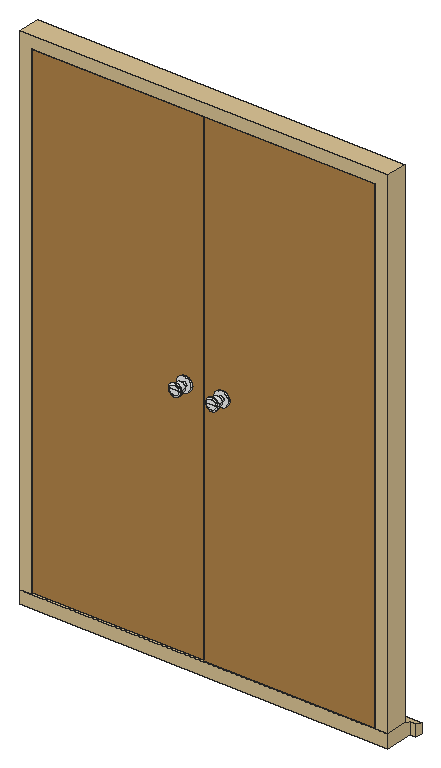
Revit family "Flush", category Doors, host Wall, Revit 2023
Family settings
  Host = Wall
  Always vertical = Yes
  Cut with Voids When Loaded = No
  Shared = No
  Room Calculation Point = No
Parameters (values of type "1510x2110mm")
  Wrap Layers (Ext) from Ext = 102.5 mm
  Wrap Layers (Int) from Ext = 177.5 mm
  Visual Light Transmittance = 0
  Vis - Ironmongery = yes
  Vis - Cavity Closers = yes
  Type Comments = "External Double"
  Thickness = Door Panel Thickness  # 44.0 mm
  Solar Heat Gain Coefficient = 0
  Rough Width = Width  # 1510.0 mm
  Rough Height = Height  # 2110.0 mm
  Operation = "DoubleDoorSingleSwing"
  O/A Frame Width = 64.0 mm
  Define Thermal Properties by = Schematic Type
  Construction Type Id = "MDOOR"
  Keynote = "L20"
  Heat Transfer Coefficient (U) = 3.7021 W/(m²·K)
  Handle Z Distance = 1050.0 mm
  Function = Exterior
  FrameWidth = 42.0 mm
  FrameOffset - External = 25.0 mm
  FrameDepth = 89.0 mm
  Door Panel Width = (Width / 2) - (Structural Tolerance) - (1.5 * Tolerance) - (FrameWidth)  # 702.0 mm
  Door Panel Thickness = 44.0 mm
  Door Panel Height = Height - Structural Tolerance - Tolerance - FrameWidth - Undercut - Cill Thickness  # 2000.0 mm
  Cill Thickness = 54.5 mm
  Cill Projection = 30.0 mm
  Handle X Distance = 75.0 mm
  Height = 2110.0 mm
  Material Door = Door - Panel
  Material Frame = Door - Frame/Mullion
  Material Ironmongery = Door - Handle
  Structural Tolerance = 6.5 mm
  Tolerance = 3.0 mm
  Undercut = 4.0 mm
  Wall Closure = By host
  Width = 1510.0 mm
  Cill Extension = 25.0 mm
  Cavity Closer Width = 50.0 mm
  Cavity Closer Offset from Ext = 102.5 mm
  Cavity Closer Depth = 85.0 mm
  Analytic Construction = "Metal"
Types (2, lengths in mm): name | Rough Width | Door Panel Width | Width
  1810x2110mm | 1810.0 | 852.0 | 1810.0
  1510x2110mm | 1510.0 | 702.0 | 1510.0
Reference planes
  plane 1: y = 0
  plane 2 "Center L/R": x = 0
  plane 3 "Left": x = -755
  plane 4 "Right": x = 755
  plane 5 "Head Opening": z = 2110
  plane 6 "Exterior": y = 150
  plane 7 "Interior": y = -150
  plane 8 "ST left": x = -748.5
  plane 9 "ST right": x = 748.5
  plane 10 "Int frame left": x = -706.5
  plane 11 "Int frame right": x = 706.5
  plane 12 "Left T": x = -853.5
  plane 13 "RHS Leaf Edge": x = 703.5
  plane 14: z = 2103.5
  plane 15: z = 2061.5
  plane 16: z = 2058.5
  plane 17: y = 83
  plane 18 "Ironmongery Axis X": x = 76.5
  plane 19 "Ironmongery Axis Z": z = 1050
  plane 20 "LHS Leaf Edge": x = -703.5
  plane 21: z = 0
  plane 22: y = 80
  plane 23: y = 125
  plane 24: y = 36
  plane 25 "LHS Cill Extension": x = -780
  plane 26 "RHS Cill Extension": x = 780
  plane 27: y = 180
  plane 28: z = 58.5
  plane 29 "Threshold": z = 54.5
  plane 30 "Front Cavity Closer": y = 47.5
  plane 31 "Mid LHS Leaf": x = -1.5
  plane 32 "Mid RHS Leaf": x = 1.5
  plane 33: x = -76.5
  plane 34: y = 47.5
  plane 35: y = -27.5
Forms (mm)
  Sweep 1, solid, material "Door - Frame/Mullion" <- "Material Frame"
    path origin (0, 125, 0) x (1, 0, 0) y (0, 0, 1)
      loop
        line (748.5, 54.5) -> (748.5, 2103.5) -> (-748.5, 2103.5) -> (-748.5, 54.5)
    profile origin (0, 0, 1079) x (-1, 0, 0) y (0, -1, 0)
      loop
        line (-755, -125) -> (-684.5, -125) -> (-684.5, -83) -> (-706.5, -83) -> (-706.5, -36) -> (-755, -36) -> (-755, -125)
  Extrusion 2, solid, material "Door - Panel" <- "Material Door"
    sketch origin (0, 36, 0) x (1, 0, 0) y (0, 0, 1)
      loop
        line (1.5, 58.5) -> (703.5, 58.5) -> (703.5, 2058.5) -> (1.5, 2058.5) -> (1.5, 58.5)
      loop
        line (-1.5, 58.5) -> (-1.5, 2058.5) -> (-703.5, 2058.5) -> (-703.5, 58.5) -> (-1.5, 58.5)
    from 0 to -44
  Extrusion 3, solid, material "Door - Frame/Mullion" <- "Material Frame"
    sketch origin (0, 0, 0) x (0, 1, 0) y (0, 0, 1)
      loop
        line (36, 54.5) -> (36, 0) -> (180, 0) -> (180, 38.595) -> (125, 54.5) -> (36, 54.5)
    from -780 to 780
  Extrusion 4, void
    sketch origin (0, 0, 0) x (0, 1, 0) y (1, 0, 0)
      loop
        line (150, -790) -> (150, -755) -> (36, -755) -> (36, -790) -> (150, -790)
    from 0 to -54.5
  Extrusion 5, void
    sketch origin (0, 0, 0) x (0, 1, 0) y (1, 0, 0)
      loop
        line (150, 755) -> (150, 790) -> (36, 790) -> (36, 755) -> (150, 755)
    from 0 to -54.5
Cuts and joins
  Extrusion 4, Extrusion 5 cuts Sweep 1
  Extrusion 4, Extrusion 5 cuts Extrusion 2
  Extrusion 4, Extrusion 5 cuts Extrusion 3
Lines and regions (mm)
  Opening 1
    outline origin (-5000, -150, 0) x (1, 0, 0) y (0, 0, 1)
      loop
        line (5755, 2110) -> (4245, 2110) -> (4245, 0) -> (5755, 0) -> (5755, 2110)
  Masking region 1, detail levels medium+fine
    outline origin (0, 0, 0) x (0, 1, 0) y (-1, 0, 0)
      loop
        line (-666, 703.5) -> (-666, 659.5) -> (36, 659.5) -> (36, 703.5) -> (-666, 703.5)
      loop
        line (36, -703.5) -> (36, -659.5) -> (-666, -659.5) -> (-666, -703.5) -> (36, -703.5)
  Masking region 2, detail levels medium+fine
    outline origin (0, 0, 54.5) x (0, 1, 0) y (-1, 0, 0)
      loop
        line (36, -755) -> (150, -755) -> (150, -780) -> (180, -780) -> (180, 780) -> (150, 780) -> (150, 755) -> (36, 755) -> (36, -755)
  symbolic lines, style "DoorsPanelProjection", detail levels medium+fine
    curve 1: line (703.5, 36, 0) -> (659.5, 36, 0)
    curve 3: line (703.5, -666, 0) -> (659.5, -666, 0)
    curve 4: line (659.5, 36, 0) -> (659.5, -666, 0)
    curve 22: line (-703.5, 36, 0) -> (-659.5, 36, 0)
    curve 24: line (-703.5, -666, 0) -> (-659.5, -666, 0)
    curve 25: line (-659.5, 36, 0) -> (-659.5, -666, 0)
  symbolic lines, style "DoorsPanelProjection"
    curve 2: line (703.5, -666, 0) -> (703.5, 36, 0)
    curve 23: line (-703.5, -666, 0) -> (-703.5, 36, 0)
  symbolic lines, style "Threshold", detail levels medium+fine
    curve 5: line (-780, 150, 0) -> (-780, 180, 0)
    curve 6: line (-780, 180, 0) -> (780, 180, 0)
    curve 7: line (780, 180, 0) -> (780, 150, 0)
  symbolic lines, style "Cavity Closer", visible <- "Vis - Cavity Closers", detail levels medium+fine
    curve 8: line (-805, -37.5, 0) -> (-755, -37.5, 0)
    curve 9: line (-805, 47.5, 0) -> (-805, -37.5, 0)
    curve 10: line (-755, 47.5, 0) -> (-805, 47.5, 0)
    curve 11: line (-755, -37.5, 0) -> (-755, 47.5, 0)
    curve 12: line (755, -37.5, 0) -> (805, -37.5, 0)
    curve 13: line (755, 47.5, 0) -> (755, -37.5, 0)
    curve 14: line (805, 47.5, 0) -> (755, 47.5, 0)
    curve 15: line (805, -37.5, 0) -> (805, 47.5, 0)
    curve 16: line (-805, -37.5, 0) -> (-755, 47.5, 0)
    curve 17: line (-805, 47.5, 0) -> (-755, -37.5, 0)
    curve 18: line (755, -37.5, 0) -> (805, 47.5, 0)
    curve 19: line (755, 47.5, 0) -> (805, -37.5, 0)
  symbolic lines, style "Plan Swing"
    curve 20: arc (1.5, 36, 0) -> (207.111, -460.389, 0) -> (703.5, -666, 0) r 702
    curve 21: arc (-1.5, 36, 0) -> (-207.111, -460.389, 0) -> (-703.5, -666, 0) r 702
  symbolic lines, style "Elevation Swing"
    curve 26: line (0, 0, 54.5) -> (684.5, 0, 1029.25)
    curve 27: line (684.5, 0, 1029.25) -> (0, 0, 2039.5)
    curve 28: line (0, 0, 2039.5) -> (-684.5, 0, 1029.25)
    curve 29: line (0, 0, 54.5) -> (-684.5, 0, 1029.25)
  symbolic lines, style "DoorsFrameMullionProjection", detail levels coarse
    curve 30: line (0, 125, 2110) -> (0, 125, 54.5)
    curve 31: line (0, 83, 54.5) -> (0, 83, 2061.5)
    curve 32: line (0, 125, 2039.5) -> (0, 83, 2039.5)
    curve 33: line (0, 83, 2061.5) -> (0, 36, 2061.5)
    curve 34: line (0, 36, 54.5) -> (0, 36, 2110)
  symbolic lines, style "DoorsPanelProjection", detail levels coarse
    curve 35: line (0, 80, 2058.5) -> (0, 80, 58.5)
    curve 36: line (0, 36, 2058.5) -> (0, 80, 2058.5)
    curve 37: line (0, 80, 58.5) -> (0, 36, 58.5)
  symbolic lines, style "Threshold", detail levels coarse
    curve 38: line (0, 180, 38.595) -> (0, 180, 0)
    curve 39: line (0, 125, 54.5) -> (0, 180, 38.595)
    curve 40: line (0, 36, 54.5) -> (0, 125, 54.5)
    curve 41: line (0, 36, 0) -> (0, 36, 54.5)
Text (mm)
  text "Exterior" at (-1796.445, 976.134, 0), in view "Ref. Level"
  text "Exterior" at (0, 1615.38, 2893.938), in view "Left"
  text "Exterior" at (0, 1036.032, 3874.932), in view "Right"
Dimensions and locks
  equal spacing: plane 3 "Left", plane 2 "Center L/R", plane 4 "Right"
  "Width": plane 3 "Left" to plane 4 "Right"
  "Height": level to plane 5 "Head Opening"
  locked: plane 6 "Exterior" to host wall at 0
  locked: plane 7 "Interior" to host wall
  "Structural Tolerance": plane 3 "Left" to plane 8 "ST left"
  "Structural Tolerance": plane 9 "ST right" to plane 4 "Right"
  "Tolerance": plane 13 "RHS Leaf Edge" to plane 11 "Int frame right"
  "Structural Tolerance": plane 5 "Head Opening" to plane 14
  "Tolerance": plane 15 to plane 16
  "Door Panel Thickness": plane 24 to plane 22
  "Tolerance": plane 10 "Int frame left" to plane 20 "LHS Leaf Edge"
  "Tolerance": plane 22 to plane 17
  "FrameDepth": plane 24 to plane 23
  "FrameWidth": plane 8 "ST left" to plane 10 "Int frame left"
  "FrameWidth": plane 11 "Int frame right" to plane 9 "ST right"
  "Door Panel Thickness": curve 4 to plane 13 "RHS Leaf Edge"
  "O/A Frame Width": Sweep 1 sketch curve to plane 9 "ST right"
  "FrameOffset - External": plane 23 to plane 6 "Exterior"
  "Cill Extension": plane 25 "LHS Cill Extension" to plane 3 "Left"
  "Cill Projection": plane 6 "Exterior" to plane 27
  "Cill Extension": plane 4 "Right" to plane 26 "RHS Cill Extension"
  "Undercut": plane 29 "Threshold" to plane 28
  "FrameWidth": plane 14 to plane 15
  "Cill Thickness": plane 29 "Threshold" to plane 21
  locked: Extrusion 4 sketch curve to plane 25 "LHS Cill Extension" at 10
  locked: plane 26 "RHS Cill Extension" to Extrusion 5 sketch curve at 10
  "Handle Z Distance": level to plane 19 "Ironmongery Axis Z"
  "Cavity Closer Offset from Ext": plane 30 "Front Cavity Closer" to plane 6 "Exterior"
  "Cavity Closer Depth": curve 8 to plane 30 "Front Cavity Closer"
  "Cavity Closer Depth": curve 12 to plane 30 "Front Cavity Closer"
  "Cavity Closer Width": curve 9 to plane 3 "Left"
  "Cavity Closer Width": plane 4 "Right" to curve 15
  "Cavity Closer Offset from Ext": nested 4 to plane 6 "Exterior"
  cut or joined group of Extrusion 3, Extrusion 4, Extrusion 5 to cut or joined group of Sweep 1, Extrusion 4, Extrusion 5 = 1985.0 mm
  "Tolerance": plane 31 "Mid LHS Leaf" to plane 32 "Mid RHS Leaf"
  equal spacing: plane 31 "Mid LHS Leaf", plane 2 "Center L/R", plane 32 "Mid RHS Leaf"
  "Handle X Distance": plane 32 "Mid RHS Leaf" to plane 18 "Ironmongery Axis X"
  "Handle X Distance": plane 33 to plane 31 "Mid LHS Leaf"
  "Door Panel Thickness": curve 23 to curve 25
  equal spacing: level, curve 27, plane 16
  equal spacing: level, curve 29, plane 16
  "Wrap Layers (Ext) from Ext": plane 34 to plane 6 "Exterior"
  "Wrap Layers (Int) from Ext": plane 35 to plane 6 "Exterior"
  aligned and locked: plane 1 to host wall
  aligned and locked: plane 9 "ST right" to Sweep 1 sketch curve
  aligned and locked: plane 14 to Sweep 1 sketch curve
  aligned and locked: profile plane to plane 9 "ST right"
  aligned and locked: Sweep 1 sketch curve to plane 4 "Right"
  aligned and locked: Sweep 1 sketch curve to plane 17
  aligned and locked: plane 11 "Int frame right" to Sweep 1 sketch curve
  aligned and locked: plane 24 to Sweep 1 sketch curve
  aligned and locked: Sweep 1 sketch curve to plane 23
  aligned and locked: plane 16 to Extrusion 2 sketch curve
  aligned and locked: Extrusion 2 to plane 22
  aligned and locked: curve 1 to plane 24
  aligned and locked: Extrusion 3 to plane 26 "RHS Cill Extension"
  aligned and locked: Extrusion 3 to plane 25 "LHS Cill Extension"
  aligned and locked: plane 29 "Threshold" to Extrusion 3
  aligned and locked: Sweep 1 to Extrusion 3 sketch curve
  aligned and locked: plane 29 "Threshold" to Sweep 1 sketch curve  (x2)
  aligned and locked: plane 28 to Extrusion 2
  aligned and locked: plane 29 "Threshold" to Extrusion 4
  aligned and locked: plane 24 to Extrusion 5 sketch curve
  aligned and locked: plane 29 "Threshold" to Extrusion 5
  aligned and locked: plane 25 "LHS Cill Extension" to curve 5
  aligned and locked: curve 6 to plane 27
  aligned and locked: curve 7 to plane 26 "RHS Cill Extension"
  aligned and locked: nested 1 to plane 18 "Ironmongery Axis X"
  aligned and locked: plane 19 "Ironmongery Axis Z" to nested 1
  aligned and locked: nested 1 to cut or joined group of Extrusion 2, Extrusion 4, Extrusion 5
  aligned and locked: plane 18 "Ironmongery Axis X" to nested 2
  aligned and locked: cut or joined group of Extrusion 2, Extrusion 4, Extrusion 5 to nested 2
  aligned and locked: nested 2 to plane 19 "Ironmongery Axis Z"
  aligned and locked: plane 3 "Left" to nested 3
  aligned and locked: nested 3 to plane 30 "Front Cavity Closer"
  aligned and locked: nested 4 to plane 4 "Right"
  aligned and locked: plane 30 "Front Cavity Closer" to nested 4
  aligned and locked: plane 32 "Mid RHS Leaf" to cut or joined group of Extrusion 2, Extrusion 4, Extrusion 5
  aligned and locked: Extrusion 2 sketch curve to plane 31 "Mid LHS Leaf"
  aligned and locked: plane 28 to Extrusion 2 sketch curve
  aligned and locked: cut or joined group of Extrusion 2, Extrusion 4, Extrusion 5 to plane 16
  aligned and locked: nested 5 to plane 33
  aligned and locked: plane 33 to nested 6
  aligned and locked: nested 6 to cut or joined group of Extrusion 2, Extrusion 4, Extrusion 5
  aligned and locked: cut or joined group of Extrusion 2, Extrusion 4, Extrusion 5 to nested 5
  aligned and locked: Extrusion 2 sketch curve to plane 20 "LHS Leaf Edge"
  aligned and locked: cut or joined group of Sweep 1, Extrusion 4, Extrusion 5 to curve 29
  aligned and locked: curve 23 to plane 20 "LHS Leaf Edge"
  aligned and locked: curve 30 to cut or joined group of Sweep 1, Extrusion 4, Extrusion 5
  aligned and locked: curve 31 to cut or joined group of Sweep 1, Extrusion 4, Extrusion 5
  aligned and locked: curve 32 to cut or joined group of Sweep 1, Extrusion 4, Extrusion 5
  aligned and locked: curve 33 to cut or joined group of Sweep 1, Extrusion 4, Extrusion 5
  aligned and locked: curve 34 to cut or joined group of Sweep 1, Extrusion 4, Extrusion 5
  aligned and locked: curve 35 to cut or joined group of Extrusion 2, Extrusion 4, Extrusion 5
  aligned and locked: curve 36 to cut or joined group of Extrusion 2, Extrusion 4, Extrusion 5
  aligned and locked: curve 37 to cut or joined group of Extrusion 2, Extrusion 4, Extrusion 5
  aligned and locked: curve 38 to cut or joined group of Extrusion 3, Extrusion 4, Extrusion 5
  aligned and locked: curve 39 to cut or joined group of Extrusion 3, Extrusion 4, Extrusion 5
  aligned and locked: curve 40 to cut or joined group of Extrusion 3, Extrusion 4, Extrusion 5
  aligned and locked: curve 41 to cut or joined group of Extrusion 3, Extrusion 4, Extrusion 5
  aligned and locked: Masking region 1 sketch curve to curve 23
  aligned and locked: Masking region 1 sketch curve to curve 25
  aligned and locked: Masking region 1 sketch curve to curve 24
  aligned and locked: Masking region 1 sketch curve to curve 22
  aligned and locked: Masking region 1 sketch curve to curve 1
  aligned and locked: Masking region 1 sketch curve to curve 4
  aligned and locked: Masking region 1 sketch curve to curve 2
  aligned and locked: Masking region 1 sketch curve to curve 3
  aligned and locked: plane 24 to Masking region 2 sketch curve
  aligned and locked: plane 3 "Left" to Masking region 2 sketch curve
  aligned and locked: plane 6 "Exterior" to Masking region 2 sketch curve
  aligned and locked: plane 25 "LHS Cill Extension" to Masking region 2 sketch curve
  aligned and locked: Masking region 2 sketch curve to plane 27
  aligned and locked: plane 4 "Right" to Masking region 2 sketch curve
  aligned and locked: plane 26 "RHS Cill Extension" to Masking region 2 sketch curve
Automatic sketch dimensions
  Extrusion 3 sketch curve to plane 24 = 0.0 mm
  Extrusion 3 sketch curve to plane 27 = 0.0 mm
  Extrusion 3 sketch curve to level = 0.0 mm
  Extrusion 3 sketch curve to plane 29 "Threshold" = 0.0 mm
  Extrusion 3 sketch curve to plane 29 "Threshold" = 15.905 mm
  Sweep 1 sketch curve to plane 8 "ST left" = 0.0 mm
  Extrusion 4 sketch curve to plane 24 = 0.0 mm
  Extrusion 4 sketch curve to host wall = 0.0 mm
  Extrusion 4 sketch curve to plane 3 "Left" = 0.0 mm
  Extrusion 5 sketch curve to host wall = 0.0 mm
  Extrusion 5 sketch curve to plane 4 "Right" = 0.0 mm
  Extrusion 2 sketch curve to plane 32 "Mid RHS Leaf" = 0.0 mm
  Extrusion 2 sketch curve to plane 13 "RHS Leaf Edge" = 0.0 mm
  Extrusion 2 sketch curve to plane 28 = 0.0 mm
  plane 16 to Extrusion 2 sketch curve = 0.0 mm
  curve 11 to plane 3 "Left" = 0.0 mm
  curve 20 to plane 32 "Mid RHS Leaf" = 0.0 mm
  curve 2 to plane 13 "RHS Leaf Edge" = 0.0 mm
  curve 19 to plane 4 "Right" = 0.0 mm
  curve 11 to plane 30 "Front Cavity Closer" = 0.0 mm
  curve 13 to plane 30 "Front Cavity Closer" = 0.0 mm
  curve 7 to host wall = 0.0 mm
  curve 5 to host wall = 0.0 mm
  curve 21 to plane 31 "Mid LHS Leaf" = 0.0 mm
  curve 22 to plane 24 = 0.0 mm
  curve 27 to plane 2 "Center L/R" = 0.0 mm
  curve 26 to plane 2 "Center L/R" = 0.0 mm
  curve 26 to plane 29 "Threshold" = 0.0 mm
  plane 16 to curve 27 = 19.0 mm
  plane 13 "RHS Leaf Edge" to curve 27 = 19.0 mm
  curve 21 to plane 24 = 0.0 mm
  curve 20 to plane 24 = 0.0 mm
  curve 30 to plane 5 "Head Opening" = 0.0 mm
  curve 34 to plane 5 "Head Opening" = 0.0 mm
  curve 38 to level = 0.0 mm
  curve 41 to level = 0.0 mm
  Opening 1 sketch curve to plane 3 "Left" = 0.0 mm
  Opening 1 sketch curve to level = 0.0 mm
  Opening 1 sketch curve to plane 4 "Right" = 0.0 mm
  Opening 1 sketch curve to plane 5 "Head Opening" = 0.0 mm
  Masking region 2 sketch curve to host wall = 0.0 mm
Nested families
  nested 1: "Handle Domestic (2)" at (1.5, 80, 0), visible <- "Vis - Ironmongery", type "Handle Domestic (2)", detail levels medium+fine
    with Handle Z Distance 1050.0 mm, Handle X Distance 75.0 mm
  nested 2: "Handle Domestic (2)" at (1.5, 36, 0), visible <- "Vis - Ironmongery", type "Handle Domestic (2)", detail levels medium+fine
    with Handle Z Distance 1050.0 mm, Handle X Distance 75.0 mm
  nested 3: "Cavity Closer" at (-805, 47.5, 0), visible <- "Vis - Cavity Closers", type "Cavity Closer", detail levels medium+fine
    with Closer Depth 85.0 mm
  nested 4: "Cavity Closer" at (755, 47.5, 0), visible <- "Vis - Cavity Closers", type "Cavity Closer", detail levels medium+fine
    with Closer Depth 85.0 mm
  nested 5: "Handle Domestic (2)" at (-1.5, 80, 0) x (-1, 0, 0) z (0, 0, 1), visible <- "Vis - Ironmongery", type "Handle Domestic (2)", detail levels medium+fine
    with Handle Z Distance 1050.0 mm, Handle X Distance 75.0 mm
  nested 6: "Handle Domestic (2)" at (-1.5, 36, 0) x (-1, 0, 0) z (0, 0, 1), visible <- "Vis - Ironmongery", type "Handle Domestic (2)", detail levels medium+fine
    with Handle Z Distance 1050.0 mm, Handle X Distance 75.0 mm
Definition of nested family "Handle Domestic (2)"
  Parameters
    Manufacturer = "Revit"
    Material Ironmongery = none
    Handle Z Distance = 0.0 mm
    Handle X Distance = 65.0 mm
  Reference planes
    plane 1 "Center (Front/Back)": y = 0
    plane 2: z = 0
    plane 3 "Center (Left/Right)": x = 0
    plane 4: z = 0
    plane 5: x = 65
  Forms (mm)
    Extrusion 1, solid, material <- "Material Ironmongery"
      sketch origin (0, 0, 0) x (1, 0, 0) y (0, 0, 1)
        loop
          circle (65, 0) r 30
      from 0 to -6
    Revolve 2, solid, material <- "Material Ironmongery"
      sketch origin (0, 0, 0) x (0, -1, 0) y (1, 0, 0)
        loop
          line (-25, 55) -> (-6, 55) -> (-6, 65) -> (-55, 65) -> (-55, 44.524) -> (-53.172, 40) -> (-49.708, 40) -> (-25, 46.364) -> (-25, 55)
        axis (-6, 65) -> (-55, 65)
      angle from 0 to 360
  Dimensions and locks
    "Handle Z Distance": plane 4 to level
    "Handle X Distance": plane 5 to plane 3 "Center (Left/Right)"
  Automatic sketch dimensions
    Extrusion 1 sketch curve to plane 4 = 0.0 mm
    Extrusion 1 sketch curve to plane 5 = 0.0 mm
    Revolve 2 sketch curve to plane 5 = 0.0 mm  (x2)
    Revolve 2 sketch curve to plane 1 "Center (Front/Back)" = 66.0 mm
    Revolve 2 sketch curve to Revolve 2 sketch curve = 11.0 mm
    Revolve 2 sketch curve to Revolve 2 sketch curve = 1.828 mm
    Revolve 2 sketch curve to Revolve 2 sketch curve = 3.464 mm
    Revolve 2 sketch curve to plane 1 "Center (Front/Back)" = 25.0 mm
    Revolve 2 sketch curve to plane 1 "Center (Front/Back)" = 6.0 mm
    Revolve 2 sketch curve to Revolve 2 sketch curve = 0.0 mm
    Revolve 2 sketch curve to Revolve 2 sketch curve = 10.0 mm
    Revolve 2 sketch curve to Revolve 2 sketch curve = 8.636 mm
    Revolve 2 sketch curve to Revolve 2 sketch curve = 20.476 mm
    Revolve 2 sketch curve to Revolve 2 sketch curve = 4.524 mm
    radius of Extrusion 1 sketch curve = 30.0 mm
Definition of nested family "Cavity Closer"
  Parameters
    Closer Width = 50.0 mm
    Closer Depth = 75.0 mm
  Reference planes
    plane 1 "Center (Front/Back)": y = 0
    plane 2: z = 0
    plane 3 "Center (Left/Right)": x = 0
    plane 4: x = 50, in view "Ref. Level"
    plane 5: y = -75, in view "Ref. Level"
  Lines and regions (mm)
    Masking region 1, in view "Ref. Level"
      outline origin (0, 0, 0) x (1, 0, 0) y (0, 1, 0)
        loop
          line (0, 0) -> (0, -75) -> (50, -75) -> (50, 0) -> (0, 0)
  Dimensions and locks
    "Closer Width": plane 3 "Center (Left/Right)" to plane 4
    "Closer Depth": plane 5 to plane 1 "Center (Front/Back)"
  Automatic sketch dimensions
    Masking region 1 sketch curve to plane 3 "Center (Left/Right)" = 0.0 mm
    Masking region 1 sketch curve to plane 4 = 0.0 mm
    Masking region 1 sketch curve to plane 5 = 0.0 mm
    Masking region 1 sketch curve to plane 1 "Center (Front/Back)" = 0.0 mm
